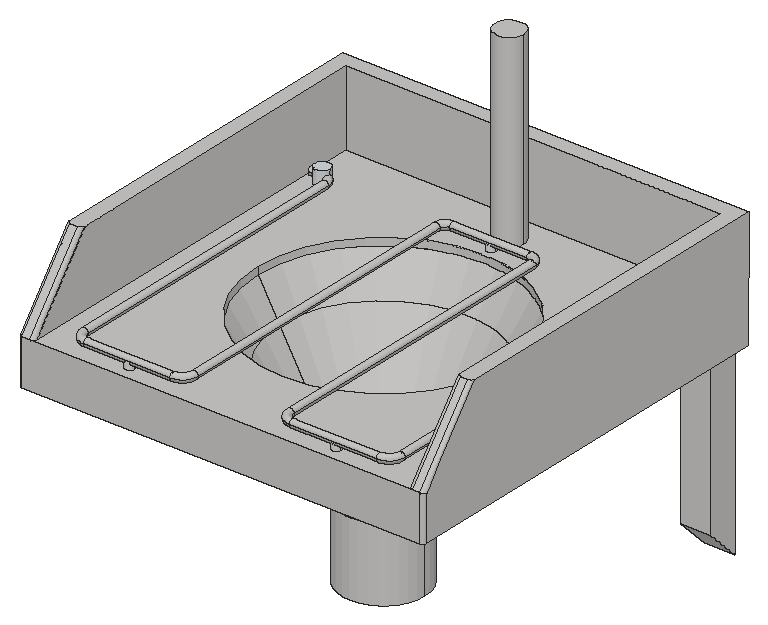
Revit family
Parameters (values of type "540 X 540")
  Waste Connection = 1 = 1  # yes
  Vent Connection = 1 = 0  # no
  Splashback Height = 100 mm
  Inlet Pipe Radius = Inlet Pipe Diameter / 2  # 19 mm
  Length Of Inlet Pipe = 250 mm
  HW Connection = 1 = 0  # no
  Finished Floor Height = 600 mm
  Waste Connection Radius = Waste Connection Diameter / 2  # 50 mm
  Inlet Pipe Diameter = 38 mm
  Waste Connection Diameter = 100 mm
  WFU = 0
  URL = "http://www.autospec.co.za/browse.php?id=1644179282"
  Product Code = "None"
  OmniClass Title = ""
  OmniClass Number = ""
  Modspec Classification = ""
  Specification = ""
  Location (revit room) = ""
  Material = Stainless Steel Grade 304
  Description = ""
  Width = 540 mm
  Model = "Slop Hopper Sink-KSH"
  Manufacturer = "Kwikot"  # constant formula
  Length = 540 mm
  Height = 315 mm
  Default Elevation = 0 mm
  Colour = none
  CWFU = 0
  CW Connection = 1 = 1  # yes
  Body Finish = none
  Assembly Code = "D2010440"
Reference planes
  plane 1 "Center (Front/Back)": y = 0
  plane 2 "Floor Level": z = 0
  plane 3 "Center (Left/Right)": x = 0
  plane 4 "Left": x = -270
  plane 5 "Right": x = 270
  plane 6 "Front": y = -540
  plane 7 "Bottom": z = 285
  plane 8 "Bed": z = 600
  plane 9: y = -270
  plane 10 "Top": z = 850
  plane 11: z = 385
  plane 12: z = 700
  plane 13: z = 540
Forms (mm)
  Blend 1, solid, material "Stainless Steel Grade 304" <- "Material"
    base sketch origin (-1108.106, -1524, 600) x (-1, 0, 0) y (0, -1, 0)
      loop
        line (-843.106, -984) -> (-1373.106, -984)
        arc (-1373.106, -984) -> (-1376.641, -985.464) -> (-1378.106, -989) r 5
        line (-1378.106, -989) -> (-1378.106, -1524) -> (-838.106, -1524) -> (-838.106, -989)
        arc (-838.106, -989) -> (-839.57, -985.464) -> (-843.106, -984) r 5
    top sketch origin (-1108.106, -1524, 600) x (-1, 0, 0) y (0, -1, 0)
      loop
        line (-1378.106, -1524) -> (-838.106, -1524) -> (-838.106, -989)
        arc (-838.106, -989) -> (-839.57, -985.464) -> (-843.106, -984) r 5
        line (-843.106, -984) -> (-1373.106, -984)
        arc (-1373.106, -984) -> (-1376.641, -985.464) -> (-1378.106, -989) r 5
        line (-1378.106, -989) -> (-1378.106, -1524)
    from 0 to -60
  Blend 2, solid, material "Stainless Steel Grade 304" <- "Material"
    base sketch origin (-1108.106, -1524, 600) x (-1, 0, 0) y (0, -1, 0)
      loop
        line (-838.106, -1524) -> (-838.106, -989)
        arc (-838.106, -989) -> (-839.57, -985.464) -> (-843.106, -984) r 5
        line (-843.106, -984) -> (-853.106, -984)
        arc (-853.106, -984) -> (-856.641, -985.464) -> (-858.106, -989) r 5
        line (-858.106, -989) -> (-858.106, -1504) -> (-1358.106, -1504) -> (-1358.106, -989)
        arc (-1358.106, -989) -> (-1359.57, -985.464) -> (-1363.106, -984) r 5
        line (-1363.106, -984) -> (-1373.106, -984)
        arc (-1373.106, -984) -> (-1376.641, -985.464) -> (-1378.106, -989) r 5
        line (-1378.106, -989) -> (-1378.106, -1524) -> (-838.106, -1524)
    top sketch origin (-1108.106, -1524, 600) x (-1, 0, 0) y (0, -1, 0)
      loop
        line (-838.106, -1524) -> (-838.106, -1069)
        arc (-838.106, -1069) -> (-839.57, -1065.464) -> (-843.106, -1064) r 5
        line (-843.106, -1064) -> (-853.106, -1064)
        arc (-853.106, -1064) -> (-856.641, -1065.464) -> (-858.106, -1069) r 5
        line (-858.106, -1069) -> (-858.106, -1504) -> (-1358.106, -1504) -> (-1358.106, -1069)
        arc (-1358.106, -1069) -> (-1359.57, -1065.464) -> (-1363.106, -1064) r 5
        line (-1363.106, -1064) -> (-1373.106, -1064)
        arc (-1373.106, -1064) -> (-1376.641, -1065.464) -> (-1378.106, -1069) r 5
        line (-1378.106, -1069) -> (-1378.106, -1524) -> (-838.106, -1524)
    from 0 to 100
  Extrusion 3, solid, material "Stainless Steel Grade 304"
    sketch origin (-270, -491, 4000) x (0, -1, 0) y (0, 0, 1)
      loop
        line (-491, -3460) -> (-491, -3715) -> (-451, -3675) -> (-451, -3460) -> (-491, -3460)
    from -17.5 to -57.5
  Extrusion 4, solid, material "Stainless Steel Grade 304"
    sketch origin (270, -491, 4000) x (0, -1, 0) y (0, 0, 1)
      loop
        line (-451, -3460) -> (-491, -3460) -> (-491, -3715) -> (-451, -3675) -> (-451, -3460)
    from 17.5 to 57.5
  Revolve 5, void
    sketch origin (1571.252, -270, 4000) x (1, 0, 0) y (0, 0, 1)
      loop
        line (-1571.252, -3400) -> (-1571.252, -3615) -> (-1521.252, -3615) -> (-1404.472, -3410) -> (-1404.472, -3400) -> (-1571.252, -3400)
      axis (-1571.252, -3615) -> (-1571.252, -3400)
    angle from 0 to 360
  Revolve 6, solid, material "Stainless Steel Grade 304" <- "Material"
    sketch origin (1571.252, -270, 4000) x (1, 0, 0) y (0, 0, 1)
      loop
        line (-1404.472, -3400) -> (-1404.472, -3410) -> (-1521.252, -3615) -> (-1521.252, -3715) -> (-1516.252, -3715) -> (-1516.252, -3616.34) -> (-1399.472, -3411.34) -> (-1399.472, -3400) -> (-1404.472, -3400)
      axis (-1571.252, -3715) -> (-1571.252, -3400)
    angle from 0 to 360
  Extrusion 7, solid, material "Stainless Steel Grade 304" <- "Material"
    sketch origin (-1108.106, -1524, 600) x (-1, 0, 0) y (0, -1, 0)
      loop
        circle (-1108.106, -1463.745) r 19
    from 0 to 250
  Extrusion 8, solid
    sketch origin (-1108.106, -1524, 600) x (-1, 0, 0) y (0, -1, 0)
      loop
        circle (-883.106, -1434) r 10
      loop
        circle (-1333.106, -1434) r 10
    from 0 to 20
  Sweep 9, solid, material "Stainless Steel Grade 304" <- "Material"
    path origin (-1108.106, -1524, 600) x (-1, 0, 0) y (0, -1, 0)
      loop
        line (-868.234, -1434) -> (-883.106, -1434)
        arc (-883.106, -1434) -> (-893.712, -1429.607) -> (-898.106, -1419) r 15
        line (-898.106, -1419) -> (-898.106, -1018.707)
        arc (-898.106, -1018.707) -> (-902.556, -1007.962) -> (-913.301, -1003.511) r 15.195
        line (-913.301, -1003.511) -> (-1028.586, -1003.511)
        arc (-1028.586, -1003.511) -> (-1039.649, -1008.094) -> (-1044.232, -1019.157) r 15.646
        line (-1044.232, -1019.157) -> (-1044.232, -1421.45)
        arc (-1044.232, -1421.45) -> (-1047.907, -1430.324) -> (-1056.781, -1434) r 12.55
        line (-1056.781, -1434) -> (-1159.43, -1434)
        arc (-1159.43, -1434) -> (-1168.304, -1430.324) -> (-1171.98, -1421.45) r 12.55
        line (-1171.98, -1421.45) -> (-1171.98, -1019.157)
        arc (-1171.98, -1019.157) -> (-1176.562, -1008.094) -> (-1187.626, -1003.511) r 15.646
        line (-1187.626, -1003.511) -> (-1303.685, -1003.511)
        arc (-1303.685, -1003.511) -> (-1314.795, -1008.113) -> (-1319.397, -1019.223) r 15.712
        line (-1319.397, -1019.223) -> (-1319.397, -1421.517)
        arc (-1319.397, -1421.517) -> (-1323.054, -1430.344) -> (-1331.881, -1434) r 12.483
        line (-1331.881, -1434) -> (-1348.106, -1434)
    profile origin (-210, -305.147, 600) x (1, 0, 0) y (0, 0, 1)
      loop
        circle (0, 10) r 5
  Extrusion 10, solid
    sketch origin (-1108.106, -1524, 600) x (-1, 0, 0) y (0, -1, 0)
      loop
        circle (-970.606, -1004) r 6
      loop
        circle (-1108.106, -1434) r 6
      loop
        circle (-1245.606, -1004) r 6
    from 0 to 10
Cuts and joins
  Revolve 5 cuts Blend 1
  Revolve 5 cuts Blend 2
  joined: Blend 1, Blend 2, Revolve 6
Lines and regions (mm)
  symbolic lines
    curve 1: line (-265, -540, 600) -> (265, -540, 600)
    curve 2: arc (-265, -540, 600) -> (-268.536, -538.536, 600) -> (-270, -535, 600) r 5
    curve 3: arc (270, -535, 600) -> (268.536, -538.536, 600) -> (265, -540, 600) r 5
    curve 4: line (270, -535, 600) -> (270, 0, 600)
    curve 5: line (-270, 0, 600) -> (-270, -535, 600)
    curve 6: line (270, 0, 600) -> (-270, 0, 600)
    curve 7: line (-250, -535, 600) -> (-250, -20, 600)
    curve 8: line (-250, -20, 600) -> (250, -20, 600)
    curve 9: line (250, -20, 600) -> (250, -535, 600)
    curve 10: arc (-250, -535, 600) -> (-251.464, -538.536, 600) -> (-255, -540, 600) r 5
    curve 11: arc (255, -540, 600) -> (251.464, -538.536, 600) -> (250, -535, 600) r 5
    curve 22: arc (-235, -90, 600) -> (-225, -100, 600) -> (-215, -90, 600) r 10
    curve 23: arc (-215, -90, 600) -> (-225, -80, 600) -> (-235, -90, 600) r 10
    curve 24: arc (215, -90, 600) -> (225, -100, 600) -> (235, -90, 600) r 10
    curve 25: arc (235, -90, 600) -> (225, -80, 600) -> (215, -90, 600) r 10
    curve 26: arc (131.5, -520, 600) -> (137.5, -526, 600) -> (143.5, -520, 600) r 6
    curve 27: arc (143.5, -520, 600) -> (137.5, -514, 600) -> (131.5, -520, 600) r 6
    curve 28: arc (-143.5, -520, 600) -> (-137.5, -526, 600) -> (-131.5, -520, 600) r 6
    curve 29: arc (-131.5, -520, 600) -> (-137.5, -514, 600) -> (-143.5, -520, 600) r 6
    curve 30: arc (-166.78, -270, 600) -> (0, -436.78, 600) -> (166.78, -270, 600) r 166.78
    curve 31: arc (166.78, -270, 600) -> (0, -103.22, 600) -> (-166.78, -270, 600) r 166.78
    curve 32: arc (-6, -90, 600) -> (0, -96, 600) -> (6, -90, 600) r 6
    curve 33: arc (6, -90, 600) -> (0, -84, 600) -> (-6, -90, 600) r 6
    curve 34: line (-239.872, -95, 600) -> (-239.872, -85, 600)
    curve 35: line (240, -95, 600) -> (240, -85, 600)
    curve 36: line (-239.872, -85, 600) -> (-225.029, -85, 600)
    curve 37: line (-205.029, -105, 600) -> (-205.029, -505.489, 600)
    curve 38: line (-195.029, -515.489, 600) -> (-78.873, -515.489, 600)
    curve 39: line (-68.873, -505.489, 600) -> (-68.873, -102.072, 600)
    curve 40: line (-51.797, -84.997, 600) -> (51.492, -84.997, 600)
    curve 41: line (-239.872, -95, 600) -> (-225.029, -95, 600)
    curve 42: line (-215.029, -105, 600) -> (-215.029, -505.507, 600)
    curve 43: line (-195.029, -525.507, 600) -> (-78.864, -525.507, 600)
    curve 44: line (-58.864, -505.507, 600) -> (-58.864, -102.072, 600)
    curve 45: line (-51.791, -94.999, 600) -> (51.492, -94.999, 600)
    curve 46: line (240, -95, 600) -> (222.827, -95, 600)
    curve 47: line (216.34, -102.502, 600) -> (216.34, -505.469, 600)
    curve 48: line (196.34, -525.469, 600) -> (78.89, -525.469, 600)
    curve 49: line (58.89, -102.397, 600) -> (58.89, -505.469, 600)
    curve 50: line (240, -85, 600) -> (223.029, -85, 600)
    curve 51: line (206.291, -101.738, 600) -> (206.291, -505.489, 600)
    curve 52: line (196.291, -515.489, 600) -> (78.881, -515.489, 600)
    curve 53: line (68.881, -102.386, 600) -> (68.881, -505.489, 600)
    curve 54: arc (-205.029, -105, 600) -> (-210.886, -90.858, 600) -> (-225.029, -85, 600) r 20
    curve 55: arc (78.89, -525.469, 600) -> (64.748, -519.611, 600) -> (58.89, -505.469, 600) r 20
    curve 56: arc (-78.864, -525.507, 600) -> (-64.722, -519.649, 600) -> (-58.864, -505.507, 600) r 20
    curve 57: arc (-195.029, -525.507, 600) -> (-209.171, -519.649, 600) -> (-215.029, -505.507, 600) r 20
    curve 58: arc (196.34, -525.469, 600) -> (210.482, -519.611, 600) -> (216.34, -505.469, 600) r 20
    curve 59: arc (-215.029, -105, 600) -> (-217.957, -97.929, 600) -> (-225.029, -95, 600) r 10
    curve 60: arc (196.291, -515.489, 600) -> (203.362, -512.56, 600) -> (206.291, -505.489, 600) r 10
    curve 61: arc (78.881, -515.489, 600) -> (71.81, -512.56, 600) -> (68.881, -505.489, 600) r 10
    curve 62: arc (-78.873, -515.489, 600) -> (-71.802, -512.56, 600) -> (-68.873, -505.489, 600) r 10
    curve 63: arc (-195.029, -515.489, 600) -> (-202.1, -512.56, 600) -> (-205.029, -505.489, 600) r 10
    curve 64: arc (-68.873, -102.072, 600) -> (-63.872, -89.998, 600) -> (-51.797, -84.997, 600) r 17.076
    curve 65: arc (-58.864, -102.072, 600) -> (-56.793, -97.071, 600) -> (-51.791, -94.999, 600) r 7.073
    curve 66: arc (51.492, -94.999, 600) -> (56.723, -97.166, 600) -> (58.89, -102.397, 600) r 7.398
    curve 67: arc (51.492, -84.997, 600) -> (63.788, -90.09, 600) -> (68.881, -102.386, 600) r 17.389
    curve 68: arc (216.34, -102.502, 600) -> (218.187, -97.543, 600) -> (222.827, -95, 600) r 7.581
    curve 69: arc (206.291, -101.738, 600) -> (211.194, -89.902, 600) -> (223.029, -85, 600) r 16.738
  symbolic lines, detail levels fine
    curve 12: arc (250, -455, 600) -> (251.464, -458.536, 600) -> (255, -460, 600) r 5
    curve 13: line (255, -460, 600) -> (265, -460, 600)
    curve 14: arc (265, -460, 600) -> (268.536, -458.536, 600) -> (270, -455, 600) r 5
    curve 15: arc (-270, -455, 600) -> (-268.536, -458.536, 600) -> (-265, -460, 600) r 5
    curve 16: line (-265, -460, 600) -> (-255, -460, 600)
    curve 17: arc (-255, -460, 600) -> (-251.464, -458.536, 600) -> (-250, -455, 600) r 5
    curve 18: arc (-50, -270, 600) -> (0, -320, 600) -> (50, -270, 600) r 50
    curve 19: arc (50, -270, 600) -> (0, -220, 600) -> (-50, -270, 600) r 50
    curve 20: arc (-19, -60.255, 600) -> (0, -79.255, 600) -> (19, -60.255, 600) r 19
    curve 21: arc (19, -60.255, 600) -> (0, -41.255, 600) -> (-19, -60.255, 600) r 19
Dimensions and locks
  equal spacing: plane 4 "Left", plane 3 "Center (Left/Right)", plane 5 "Right"
  "Length": plane 4 "Left" to plane 5 "Right"
  "Width": plane 1 "Center (Front/Back)" to plane 6 "Front"
  "Height": plane 8 "Bed" to plane 7 "Bottom"
  "Finished Floor Height": plane 8 "Bed" to plane 2 "Floor Level"
  plane 12 to plane 8 "Bed" = 100 mm
  "Length Of Inlet Pipe": plane 10 "Top" to plane 8 "Bed"
  equal spacing: plane 1 "Center (Front/Back)", plane 9, plane 6 "Front"
  plane 8 "Bed" to plane 13 = 60 mm
  plane 8 "Bed" to Revolve 5 sketch curve = 10 mm
  Revolve 5 sketch curve to plane 3 "Center (Left/Right)" = 50 mm
  "Waste Connection Radius": plane 3 "Center (Left/Right)" to Revolve 6 sketch curve
  Extrusion 7 sketch curve to plane 1 "Center (Front/Back)" = 60.255 mm
  Extrusion 8 sketch curve to plane 1 "Center (Front/Back)" = 90 mm  (x2)
  Sweep 9 sketch curve to plane 1 "Center (Front/Back)" = 90 mm
  equal spacing: Sweep 9 sketch curve, plane 3 "Center (Left/Right)", Sweep 9 sketch curve
  Sweep 9 sketch curve to plane 8 "Bed" = 10 mm
  Extrusion 10 sketch curve to plane 6 "Front" = 20 mm
  equal spacing: Extrusion 10 sketch curve, plane 3 "Center (Left/Right)", Extrusion 10 sketch curve
  Extrusion 10 sketch curve to Extrusion 10 sketch curve = 275 mm
  Sweep 9 sketch curve to plane 6 "Front" = 19.511 mm
  Sweep 9 to Extrusion 8 sketch curve = 14.872 mm
  Extrusion 8 sketch curve to Sweep 9 = 15 mm
  Revolve 5 sketch curve to plane 3 "Center (Left/Right)" = 166.78 mm
  plane 11 to plane 7 "Bottom" = 100 mm
  Sweep 9 sketch curve to Sweep 9 sketch curve = 127.748 mm
  Extrusion 10 sketch curve to plane 1 "Center (Front/Back)" = 90 mm
  "Inlet Pipe Radius": radius of Extrusion 7 sketch curve
  aligned and locked: level to plane 2 "Floor Level"
  aligned and locked: Blend 1 sketch curve to plane 6 "Front"
  aligned and locked: plane 4 "Left" to Blend 1 sketch curve
  aligned and locked: Blend 1 sketch curve to plane 1 "Center (Front/Back)"
  aligned and locked: Blend 1 sketch curve to plane 5 "Right"
  aligned and locked: Blend 1 to plane 13
  aligned and locked: plane 8 "Bed" to Blend 1
  aligned and locked: Blend 1 sketch curve to var sketch  (x4)
  aligned and locked: Blend 2 sketch curve to Blend 1  (x4)
  aligned and locked: Blend 2 sketch curve to var sketch  (x4)
  aligned and locked: var sketch to Blend 2 sketch curve  (x2)
  aligned and locked: Blend 2 to plane 8 "Bed"
  aligned and locked: plane 12 to Blend 2
  aligned and locked: Extrusion 3 sketch curve to Blend 1  (x2)
  aligned and locked: plane 7 "Bottom" to Extrusion 3 sketch curve
  aligned and locked: Extrusion 4 sketch curve to Extrusion 3  (x4)
  aligned and locked: Revolve 5 sketch curve to Blend 1
  aligned and locked: plane 3 "Center (Left/Right)" to Revolve 5 sketch curve  (x2)
  aligned and locked: plane 11 to Revolve 5 sketch curve
  aligned and locked: Revolve 6 sketch curve to cut or joined group of Blend 1, Blend 2, Revolve 5, Revolve 6  (x2)
  aligned and locked: plane 3 "Center (Left/Right)" to Revolve 6 sketch curve
  aligned and locked: Revolve 6 sketch curve to plane 7 "Bottom"
  aligned and locked: plane 3 "Center (Left/Right)" to Extrusion 7 sketch curve
  aligned and locked: plane 10 "Top" to Extrusion 7
  aligned and locked: Extrusion 7 to plane 8 "Bed"
  aligned and locked: Sweep 9 sketch curve to Sweep 9 sketch curve  (x3)
  aligned and locked: profile plane to Sweep 9 sketch curve
  aligned and locked: plane 3 "Center (Left/Right)" to Extrusion 10 sketch curve
  aligned and locked: curve 1 to cut or joined group of Blend 1, Blend 2, Revolve 5, Revolve 6
  aligned and locked: curve 2 to cut or joined group of Blend 1, Blend 2, Revolve 5, Revolve 6
  aligned and locked: curve 3 to cut or joined group of Blend 1, Blend 2, Revolve 5, Revolve 6
  aligned and locked: curve 5 to cut or joined group of Blend 1, Blend 2, Revolve 5, Revolve 6
  aligned and locked: curve 6 to cut or joined group of Blend 1, Blend 2, Revolve 5, Revolve 6
  aligned and locked: curve 7 to cut or joined group of Blend 1, Blend 2, Revolve 5, Revolve 6
  aligned and locked: curve 8 to cut or joined group of Blend 1, Blend 2, Revolve 5, Revolve 6
  aligned and locked: curve 9 to cut or joined group of Blend 1, Blend 2, Revolve 5, Revolve 6
  aligned and locked: curve 10 to cut or joined group of Blend 1, Blend 2, Revolve 5, Revolve 6
  aligned and locked: curve 11 to cut or joined group of Blend 1, Blend 2, Revolve 5, Revolve 6
  aligned and locked: curve 12 to cut or joined group of Blend 1, Blend 2, Revolve 5, Revolve 6
  aligned and locked: curve 13 to cut or joined group of Blend 1, Blend 2, Revolve 5, Revolve 6
  aligned and locked: curve 14 to cut or joined group of Blend 1, Blend 2, Revolve 5, Revolve 6
  aligned and locked: curve 15 to cut or joined group of Blend 1, Blend 2, Revolve 5, Revolve 6
  aligned and locked: curve 16 to cut or joined group of Blend 1, Blend 2, Revolve 5, Revolve 6
  aligned and locked: curve 17 to cut or joined group of Blend 1, Blend 2, Revolve 5, Revolve 6
  aligned and locked: curve 18 to cut or joined group of Blend 1, Blend 2, Revolve 5, Revolve 6
  aligned and locked: curve 19 to cut or joined group of Blend 1, Blend 2, Revolve 5, Revolve 6
  aligned and locked: curve 20 to Extrusion 7
  aligned and locked: curve 21 to Extrusion 7
  aligned and locked: curve 22 to Extrusion 8
  aligned and locked: curve 23 to Extrusion 8
  aligned and locked: curve 24 to Extrusion 8
  aligned and locked: curve 25 to Extrusion 8
  aligned and locked: curve 26 to Extrusion 10
  aligned and locked: curve 27 to Extrusion 10
  aligned and locked: curve 28 to Extrusion 10
  aligned and locked: curve 29 to Extrusion 10
  aligned and locked: curve 30 to cut or joined group of Blend 1, Blend 2, Revolve 5, Revolve 6
  aligned and locked: curve 31 to cut or joined group of Blend 1, Blend 2, Revolve 5, Revolve 6
  aligned and locked: Extrusion 7 to plane 10 "Top"
  aligned and locked: plane 8 "Bed" to Extrusion 7
  aligned and locked: curve 32 to Extrusion 10
  aligned and locked: curve 33 to Extrusion 10
  aligned and locked: curve 35 to Sweep 9
Automatic sketch dimensions
  plane 5 "Right" to Blend 1 sketch curve = 5 mm
  Blend 1 sketch curve to plane 4 "Left" = 5 mm
  Blend 2 sketch curve to Blend 2 sketch curve = 10 mm
  Blend 2 sketch curve to Blend 2 sketch curve = 5 mm  (x3)
  plane 6 "Front" to Blend 2 sketch curve = 5 mm
  Blend 2 sketch curve to Blend 2 sketch curve = 15 mm
  plane 1 "Center (Front/Back)" to Blend 2 sketch curve = 20 mm
  plane 5 "Right" to Blend 2 sketch curve = 5 mm
  Blend 2 sketch curve to plane 4 "Left" = 5 mm
  plane 6 "Front" to Blend 2 sketch curve = 85 mm  (x2)
  plane 7 "Bottom" to Extrusion 3 sketch curve = 40 mm
  plane 1 "Center (Front/Back)" to Extrusion 3 sketch curve = 40 mm
  plane 7 "Bottom" to Revolve 5 sketch curve = 40 mm
  plane 8 "Bed" to Revolve 5 sketch curve = 45 mm
  plane 6 "Front" to Extrusion 10 sketch curve = 20 mm
  Revolve 6 sketch curve to plane 11 = 0 mm
  Revolve 6 sketch curve to plane 11 = 1.34 mm
  Revolve 6 sketch curve to Revolve 6 sketch curve = 5 mm  (x2)
  Revolve 6 sketch curve to plane 7 "Bottom" = 60 mm
  plane 8 "Bed" to Revolve 6 sketch curve = 30 mm
  Revolve 6 sketch curve to plane 8 "Bed" = 11.34 mm
  Revolve 6 sketch curve to Revolve 6 sketch curve = 1.34 mm
  Sweep 9 sketch curve to Sweep 9 sketch curve = 15.646 mm  (x2)
  plane 6 "Front" to Sweep 9 sketch curve = 35.223 mm
  plane 5 "Right" to Sweep 9 sketch curve = 74.421 mm
  Sweep 9 sketch curve to Sweep 9 sketch curve = 12.483 mm
  Sweep 9 sketch curve to Sweep 9 sketch curve = 16.225 mm
  Sweep 9 sketch curve to Sweep 9 sketch curve = 12.55 mm  (x2)
  Sweep 9 sketch curve to plane 4 "Left" = 75.195 mm
  Sweep 9 sketch curve to Sweep 9 sketch curve = 15.195 mm
  Sweep 9 sketch curve to Sweep 9 sketch curve = 15 mm
  Sweep 9 sketch curve to Sweep 9 sketch curve = 14.872 mm
  curve 18 to curve 30 = 0 mm
  curve 19 to curve 30 = 0 mm
  curve 54 to curve 59 = 0 mm  (x2)
  plane 9 to curve 31 = 0 mm
  curve 31 to plane 3 "Center (Left/Right)" = 0 mm
  plane 5 "Right" to curve 13 = 5 mm
  curve 14 to curve 13 = 10 mm
  curve 3 to curve 11 = 10 mm
  plane 5 "Right" to curve 8 = 20 mm
  curve 25 to curve 68 = 1.079 mm
  curve 24 to curve 50 = 1.971 mm
  curve 68 to curve 69 = 0.892 mm
  curve 25 to curve 68 = 2.173 mm
  curve 69 to curve 68 = 6.689 mm
  curve 58 to curve 60 = 10.049 mm
  plane 6 "Front" to curve 48 = 14.531 mm
  curve 51 to curve 48 = 9.951 mm
  curve 58 to curve 60 = 0.049 mm
  plane 5 "Right" to curve 31 = 103.22 mm
  curve 26 to curve 48 = 52.61 mm
  curve 55 to curve 52 = 0.009 mm
  curve 67 to curve 32 = 62.881 mm
  curve 53 to curve 49 = 9.991 mm
  curve 49 to curve 45 = 7.398 mm
  curve 67 to curve 45 = 0 mm
  plane 3 "Center (Left/Right)" to curve 18 = 50 mm
  curve 33 to curve 45 = 45.791 mm
  curve 65 to curve 40 = 0.006 mm
  curve 64 to curve 65 = 7.067 mm
  curve 56 to curve 62 = 10.009 mm
  plane 6 "Front" to curve 56 = 14.493 mm
  curve 62 to curve 56 = 9.991 mm
  curve 56 to curve 62 = 0.009 mm
  curve 28 to curve 43 = 51.529 mm
  curve 63 to curve 57 = 0 mm
  curve 63 to curve 37 = 10 mm
  curve 37 to curve 59 = 10 mm
  curve 42 to curve 54 = 10 mm
  curve 23 to curve 34 = 4.872 mm
  plane 6 "Front" to curve 7 = 5 mm
  curve 7 to plane 4 "Left" = 20 mm
  curve 17 to curve 17 = 5 mm
  curve 15 to plane 4 "Left" = 5 mm
  curve 1 to plane 4 "Left" = 5 mm
  plane 1 "Center (Front/Back)" to curve 7 = 20 mm
  curve 21 to curve 64 = 24.742 mm
  curve 36 to curve 22 = 5 mm
  curve 50 to curve 24 = 5 mm
  curve 65 to curve 64 = 7.073 mm
  curve 25 to curve 46 = 5 mm
  curve 17 to curve 57 = 50.507 mm
  curve 12 to curve 47 = 50.469 mm
  curve 39 to curve 56 = 0.018 mm
  curve 58 to curve 60 = 0.02 mm
  radius of Extrusion 8 sketch curve = 10 mm  (x2)
  radius of Sweep 9 sketch curve = 5 mm
  radius of Extrusion 10 sketch curve = 6 mm  (x3)
Connectors
  piping at (0, -60.255, 850), driven by "Inlet Pipe Radius", driven by "CWFU"
    settings: on Extrusion 7, index 1, connector radius 19 mm, flow factor 0, pipe flow 0.0 L/s, pressure drop 0.0 Pa, fitting loss kfactor 0, connector angle 0.00°, fixture units 0, flow configuration 3, flow direction 1, fitting loss method 0, system type 20, connector reference index -1, connector utility 0, adjustable connector no, is connector primary yes, fitting loss table "", connector description "Inlet Connection"
  piping at (0, -270, 285), driven by "Waste Connection Radius", driven by "WFU"
    settings: on cut or joined group of Blend 1, Blend 2, Revolve 5, Revolve 6, index 2, connector radius 50 mm, flow factor 0, pipe flow 0.0 L/s, pressure drop 0.0 Pa, fitting loss kfactor 0, connector angle 0.00°, fixture units 0, flow configuration 3, flow direction 2, fitting loss method 0, system type 16, connector reference index -1, connector utility 0, adjustable connector no, is connector primary no, fitting loss table "", connector description "Waste Connection"
